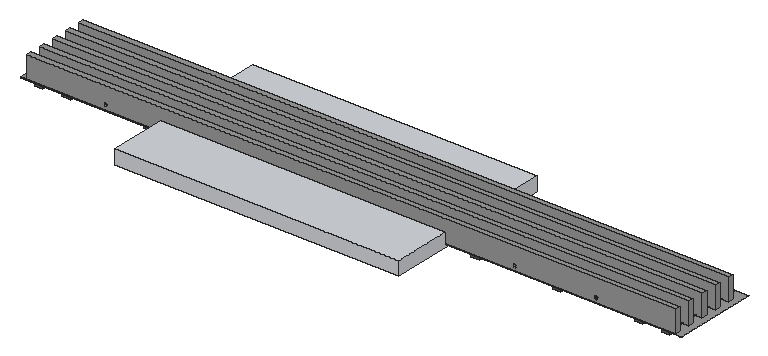
Revit family "1414-5, Solid", category Generic Models, host Face, Revit 2020
Family settings
  Host = Face
  Can host rebar = No
  Round Connector Dimension = Use Diameter
  Part Type = Normal
  Cut with Voids When Loaded = No
  Shared = No
  Room Calculation Point = No
Parameters
  min_value [instance] = 2' - 4"  # constant formula
  max_value [instance] = 11' - 11 1/4"  # constant formula
  actual_value [instance] = if(NET LENGTH < min_value, min_value, if(NET LENGTH > max_value, max_value, NET LENGTH))  # 7' - 11 1/4"
  SCRIM MATERIAL [instance] = SCRIM
  SCRIM APPEARANCE [instance] = yes
  NET LENGTH [instance] = 7' - 11 1/4"
  IMPORTANT NOTE!!!                                                                             *Backer & dowel layout is for visualization purposes only, final layout to be determined by 9Wood. [instance] = ""
  Default Elevation = 4' - 0"
  DOWEL RADIUS [instance] = 0' - 0 1/4"  # constant formula
  BACKER & DOWEL MATERIAL [instance] = BLACK-BACKERS
  .. MEMBER WIDTH [instance] = 0' - 0 3/4"  # constant formula
  .. MEMBER MATERIAL [instance] = Solid Western Hemlock
  .. MEMBER DEPTH [instance] = 0' - 3 1/4"  # constant formula
  .. MEMBER COUNT [instance] = 5  # constant formula
Reference planes (in)
  plane 1 "Center (Front/Back)": y = 0
  plane 2: z = 0
  plane 3 "Center (Left/Right)": x = 0
Forms (in)
  Extrusion 1, solid
    sketch origin (0, 0, 0) x (1, 0, 0) y (0, 1, 0)
      loop
        line (-24.24823, 14.63962) -> (-24.24823, -10.69266) -> (17.36192, -10.69266) -> (17.36192, 14.63962) -> (-24.24823, 14.63962)
    from 0 to 2.0625
Dimensions and locks (in)
  aligned and locked: plane 2 to Extrusion 1
Nested families (in)
  nested 1: "1400 series" at (-44.01308, -2.1224, 0.00189), NET LENGTH <- "actual_value", .. MEMBER DEPTH <- ".. MEMBER DEPTH", .. MEMBER WIDTH <- ".. MEMBER WIDTH", DOWEL RADIUS <- "DOWEL RADIUS", BACKER & DOWEL MATERIAL <- "BACKER & DOWEL MATERIAL", .. MEMBER MATERIAL <- ".. MEMBER MATERIAL", SCRIM MATERIAL <- "SCRIM MATERIAL", MEMBER COUNT <- ".. MEMBER COUNT", SCRIM APPEARANCE <- "SCRIM APPEARANCE", type "1400 series"
    with X 7' - 8", SCRIM MATERIAL SCRIM, SCRIM LENGTH 8' - 1", SCRIM APPEARANCE yes, SCRIM 2 0' - 0 7/8", SCRIM 1 0' - 0 3/32", OC TYP 1' - 0", NET LENGTH 7' - 11 1/4", N 8, MEMBER COUNT 5, INSET 2 0' - 0 3/16", INSET 0' - 1", HALF MEMBER WIDTH 0' - 0 3/8", END BACKER yes, DOWEL RADIUS 0' - 0 1/4", DOWEL INDEX 0' - 11 5/8", DOWEL COUNT 7, BACKING M COUNT 8, BACKER WIDTH 0' - 1 1/4", BACKER INDEX 0' - 5 5/8", BACKER DEPTH 0' - 0 1/2", BACKER & DOWEL MATERIAL BLACK-BACKERS, BACKER &  DOWEL LENGTH 0' - 11 7/8", .. MEMBER WIDTH 0' - 0 3/4", .. MEMBER OC TYP 0' - 2.4", .. MEMBER MATERIAL Solid Western Hemlock, .. MEMBER DEPTH 0' - 3 1/4"
Definition of nested family "1400 series"
  Parameters (values of type "1400 series")
    X [instance] = NET LENGTH - 0' 3 1/4"  # 7' - 2"
    SCRIM MATERIAL [instance] = none
    SCRIM APPEARANCE [instance] = yes
    SCRIM 2 [instance] = 0' - 0 7/8"  # constant formula
    SCRIM 1 [instance] = 0' - 0 3/32"  # constant formula
    OC TYP [instance] = 1' - 0"  # constant formula
    N [instance] = if((X - (rounddown(X / 1' 0") * 1' 0")) > 1' 0", rounddown(X / 1' 0") + 2, rounddown(X / 1' 0") + 1)  # 8
    MEMBER COUNT [instance] = 2
    INSET 5 = 0' - 0 11/16"  # constant formula
    INSET 2 [instance] = 0' - 0 3/16"  # constant formula
    INSET [instance] = 0' - 1"  # constant formula
    END BACKER [instance] = BACKER INDEX > 0' 3 5/8"  # no
    HALF MEMBER WIDTH [instance] = .. MEMBER WIDTH / 2  # 0' - 1 1/8"
    Default Elevation = 0' - 0"
    DOWEL RADIUS [instance] = 0' - 0 1/4"
    DOWEL INDEX [instance] = BACKER INDEX + 0' 6"  # 0' - 8 5/8"
    DOWEL COUNT [instance] = N - 1  # 7
    BACKER WIDTH [instance] = 0' - 1 1/4"  # constant formula
    BACKER INDEX [instance] = (NET LENGTH - ((N - 1) * 1' 0")) / 2  # 0' - 2 5/8"
    BACKER DEPTH [instance] = 0' - 0 1/2"  # constant formula
    BACKING M COUNT [instance] = N  # 8
    BACKER & DOWEL MATERIAL [instance] = none
    BACKER &  DOWEL LENGTH [instance] = 0' - 11 7/8"  # constant formula
    SCRIM LENGTH [instance] = NET LENGTH + (SCRIM 2 * 2)  # 7' - 7"
    .. MEMBER WIDTH [instance] = 0' - 2 1/4"
    .. MEMBER OC TYP [instance] = 1' 0" / MEMBER COUNT  # 0' - 6"
    .. MEMBER MATERIAL [instance] = none
    NET LENGTH [instance] = 7' - 5 1/4"
    .. MEMBER DEPTH [instance] = 0' - 4"
  Reference planes (in)
    plane 1 "Center (Front/Back)": y = 0
    plane 2: z = 0
    plane 3 "Center (Left/Right)": x = 0
    plane 4: x = 89.25
    plane 5: x = 1
    plane 6: x = 88.25
    plane 7: x = 2.625
    plane 8: x = 8.625
    plane 9: x = 14.625
    plane 10: x = 20.625
    plane 11: y = 0.1875
    plane 12: y = 1.125
    plane 13: y = 7.125
    plane 14: y = 12.0625
    plane 15: x = 90.125
    plane 16: x = -0.875
    plane 17: y = 12.15625
    plane 18: y = -0.09375
    plane 19: z = 2.7097
    plane 20: z = 0.49811
    plane 21: z = 0.56061
    plane 22: z = 1.24811
  Lines and regions (in)
    model lines, not visible
      curve 1: line (8.625, 0, 0.99811) -> (8.625, 0, 1.49811)
      curve 2: line (8.625, 0, 1.49811) -> (8.375, 0, 1.24811)
      curve 3: line (8.375, 0, 1.24811) -> (8.875, 0, 1.24811)
      curve 4: line (20.625, 0, 0.99811) -> (20.625, 0, 1.49811)
      curve 5: line (20.625, 0, 1.49811) -> (20.375, 0, 1.24811)
      curve 6: line (20.375, 0, 1.24811) -> (20.875, 0, 1.24811)
      curve 7: line (32.625, 0, 0.99811) -> (32.625, 0, 1.49811)
      curve 8: line (32.625, 0, 1.49811) -> (32.375, 0, 1.24811)
      curve 9: line (32.375, 0, 1.24811) -> (32.875, 0, 1.24811)
      curve 10: line (44.625, 0, 0.99811) -> (44.625, 0, 1.49811)
      curve 11: line (44.625, 0, 1.49811) -> (44.375, 0, 1.24811)
      curve 12: line (44.375, 0, 1.24811) -> (44.875, 0, 1.24811)
      curve 13: line (56.625, 0, 0.99811) -> (56.625, 0, 1.49811)
      curve 14: line (56.625, 0, 1.49811) -> (56.375, 0, 1.24811)
      curve 15: line (56.375, 0, 1.24811) -> (56.875, 0, 1.24811)
      curve 16: line (68.625, 0, 0.99811) -> (68.625, 0, 1.49811)
      curve 17: line (68.625, 0, 1.49811) -> (68.375, 0, 1.24811)
      curve 18: line (68.375, 0, 1.24811) -> (68.875, 0, 1.24811)
      curve 19: line (80.625, 0, 0.99811) -> (80.625, 0, 1.49811)
      curve 20: line (80.625, 0, 1.49811) -> (80.375, 0, 1.24811)
      curve 21: line (80.375, 0, 1.24811) -> (80.875, 0, 1.24811)
  Dimensions and locks (in)
    "INSET": plane 3 "Center (Left/Right)" to plane 5
    "NET LENGTH": plane 3 "Center (Left/Right)" to plane 4
    "INSET": plane 6 to plane 4
    "BACKER INDEX": plane 3 "Center (Left/Right)" to plane 7
    "DOWEL INDEX": plane 3 "Center (Left/Right)" to plane 8
    "OC TYP": plane 7 to plane 9
    "OC TYP": plane 8 to plane 10
    "INSET 2": plane 1 "Center (Front/Back)" to plane 11
    equal spacing: group 1, group 2, group 5, group 6, group 7, group 13, group 14, group 16  (x3)
    equal spacing: group 3, group 4, group 8, group 9, group 10, group 15, group 17  (x3)
    group 11 to group 12 = 0' - 0"  (x2)
    group 11 to group 12 = 0' - 6"
    ".. MEMBER OC TYP": plane 13 to plane 12
    "HALF MEMBER WIDTH": plane 1 "Center (Front/Back)" to plane 12
    "SCRIM 2": plane 16 to plane 3 "Center (Left/Right)"
    "SCRIM 2": plane 4 to plane 15
    "SCRIM 1": plane 18 to plane 1 "Center (Front/Back)"
    "SCRIM 1": plane 17 to plane 14
    "INSET 5": plane 22 to plane 21
    aligned and locked: level to plane 2
    aligned and locked: plane 7 to nested 2
    aligned and locked: plane 5 to nested 1
    aligned and locked: plane 9 to nested 3
    aligned and locked: nested 1 to plane 5
    aligned and locked: nested 2 to plane 11
    aligned and locked: nested 1 to plane 11
    aligned and locked: nested 3 to plane 11
    aligned and locked: nested 4 to plane 11  (x2)
    aligned and locked: plane 10 to nested 5
    aligned and locked: plane 6 to nested 12
    aligned and locked: nested 5 to plane 11
    aligned and locked: plane 11 to nested 12
    aligned and locked: plane 12 to nested 13
    aligned and locked: nested 14 to plane 13
    aligned and locked: plane 14 to nested 8
    aligned and locked: plane 16 to nested 15
    aligned and locked: nested 15 to plane 18
    aligned and locked: nested 15 to plane 17
    aligned and locked: nested 15 to plane 16  (x2)
    aligned and locked: nested 1 to level
    aligned and locked: level to nested 3
    aligned and locked: plane 20 to nested 2
    aligned and locked: plane 20 to nested 1
    aligned and locked: plane 20 to nested 3
    aligned and locked: nested 12 to plane 20
    aligned and locked: nested 15 to plane 20
    aligned and locked: plane 21 to nested 15
    aligned and locked: nested 13 to plane 21
    aligned and locked: plane 22 to nested 4
    aligned and locked: plane 22 to nested 5
    aligned and locked: nested 13 to plane 8
    aligned and locked: plane 10 to nested 13
    aligned and locked: curve 1 to nested 13
    aligned and locked: nested 13 to curve 4
  Automatic sketch dimensions
    curve 3 to curve 1 = 0' - 0 1/4"  (x2)
    curve 1 to curve 3 = 0' - 0 1/4"
    curve 1 to curve 2 = 0' - 0 1/4"
    curve 6 to curve 4 = 0' - 0 1/4"  (x2)
    curve 4 to curve 6 = 0' - 0 1/4"
    curve 4 to curve 5 = 0' - 0 1/4"
    curve 9 to curve 7 = 0' - 0 1/4"  (x2)
    curve 7 to curve 9 = 0' - 0 1/4"
    curve 7 to curve 8 = 0' - 0 1/4"
    curve 12 to curve 10 = 0' - 0 1/4"  (x2)
    curve 10 to curve 12 = 0' - 0 1/4"
    curve 10 to curve 11 = 0' - 0 1/4"
    curve 15 to curve 13 = 0' - 0 1/4"  (x2)
    curve 13 to curve 15 = 0' - 0 1/4"
    curve 13 to curve 14 = 0' - 0 1/4"
    curve 18 to curve 16 = 0' - 0 1/4"  (x2)
    curve 16 to curve 18 = 0' - 0 1/4"
    curve 16 to curve 17 = 0' - 0 1/4"
    curve 21 to curve 19 = 0' - 0 1/4"  (x2)
    curve 19 to curve 21 = 0' - 0 1/4"
    curve 19 to curve 20 = 0' - 0 1/4"
  Nested families (in)
    nested 1: "INSTANCE - 3RD -  EXTEND BOTH SIDES - Parametric Cube.0001" at (1, 0.1875, 0.49811), Length <- "BACKER &  DOWEL LENGTH", Width <- "BACKER WIDTH", Height <- "BACKER DEPTH", Material <- "BACKER & DOWEL MATERIAL", visible <- "END BACKER", type "INSTANCE - 3RD -  EXTEND BOTH SIDES - Parametric Cube.0001"
      with Width 0' - 1 1/4", Material none, Length 0' - 11 7/8", Height 0' - 0 1/2"
    nested 2: "INSTANCE - 2ND -  EXTEND SIDE H CENTER W - Parametric Cube.0001" at (2.625, 0.1875, 0.49811), Width <- "BACKER WIDTH", Length <- "BACKER &  DOWEL LENGTH", Height <- "BACKER DEPTH", Material <- "BACKER & DOWEL MATERIAL", type "INSTANCE - 2ND -  EXTEND SIDE H CENTER W - Parametric Cube.0001"
      with Width 0' - 1 1/4", Material none, Length 0' - 11 7/8", Height 0' - 0 1/2"
    nested 3: "INSTANCE - 2ND -  EXTEND SIDE H CENTER W - Parametric Cube.0001" at (14.625, 0.1875, 0.49811), Width <- "BACKER WIDTH", Length <- "BACKER &  DOWEL LENGTH", Height <- "BACKER DEPTH", Material <- "BACKER & DOWEL MATERIAL", type "INSTANCE - 2ND -  EXTEND SIDE H CENTER W - Parametric Cube.0001"
      with Width 0' - 1 1/4", Material none, Length 0' - 11 7/8", Height 0' - 0 1/2"
    nested 4: "DOWEL" at (-1.375, 0.1875, 1.24811), DOWEL LENGTH <- "BACKER &  DOWEL LENGTH", DOWEL RADII <- "DOWEL RADIUS", BACKING MEM MATERIAL <- "BACKER & DOWEL MATERIAL", type "DOWEL"
      with DOWEL RADII 0' - 0 1/4", DOWEL LENGTH 0' - 11 7/8", BACKING MEM MATERIAL none
    nested 5: "DOWEL" at (10.625, 0.1875, 1.24811), DOWEL LENGTH <- "BACKER &  DOWEL LENGTH", DOWEL RADII <- "DOWEL RADIUS", BACKING MEM MATERIAL <- "BACKER & DOWEL MATERIAL", type "DOWEL"
      with DOWEL RADII 0' - 0 1/4", DOWEL LENGTH 0' - 11 7/8", BACKING MEM MATERIAL none
    nested 6: "INSTANCE - 2ND -  EXTEND SIDE H CENTER W - Parametric Cube.0001" at (26.625, 0.1875, 0.49811), Width <- "BACKER WIDTH", Length <- "BACKER &  DOWEL LENGTH", Height <- "BACKER DEPTH", Material <- "BACKER & DOWEL MATERIAL", type "INSTANCE - 2ND -  EXTEND SIDE H CENTER W - Parametric Cube.0001"
      with Width 0' - 1 1/4", Material none, Length 0' - 11 7/8", Height 0' - 0 1/2"
    nested 7: "INSTANCE - 2ND -  EXTEND SIDE H CENTER W - Parametric Cube.0001" at (38.625, 0.1875, 0.49811), Width <- "BACKER WIDTH", Length <- "BACKER &  DOWEL LENGTH", Height <- "BACKER DEPTH", Material <- "BACKER & DOWEL MATERIAL", type "INSTANCE - 2ND -  EXTEND SIDE H CENTER W - Parametric Cube.0001"
      with Width 0' - 1 1/4", Material none, Length 0' - 11 7/8", Height 0' - 0 1/2"
    nested 8: "INSTANCE - 2ND -  EXTEND SIDE H CENTER W - Parametric Cube.0001" at (50.625, 0.1875, 0.49811), Width <- "BACKER WIDTH", Length <- "BACKER &  DOWEL LENGTH", Height <- "BACKER DEPTH", Material <- "BACKER & DOWEL MATERIAL", type "INSTANCE - 2ND -  EXTEND SIDE H CENTER W - Parametric Cube.0001"
      with Width 0' - 1 1/4", Material none, Length 0' - 11 7/8", Height 0' - 0 1/2"
    nested 9: "DOWEL" at (22.625, 0.1875, 1.24811), DOWEL LENGTH <- "BACKER &  DOWEL LENGTH", DOWEL RADII <- "DOWEL RADIUS", BACKING MEM MATERIAL <- "BACKER & DOWEL MATERIAL", type "DOWEL"
      with DOWEL RADII 0' - 0 1/4", DOWEL LENGTH 0' - 11 7/8", BACKING MEM MATERIAL none
    nested 10: "DOWEL" at (34.625, 0.1875, 1.24811), DOWEL LENGTH <- "BACKER &  DOWEL LENGTH", DOWEL RADII <- "DOWEL RADIUS", BACKING MEM MATERIAL <- "BACKER & DOWEL MATERIAL", type "DOWEL"
      with DOWEL RADII 0' - 0 1/4", DOWEL LENGTH 0' - 11 7/8", BACKING MEM MATERIAL none
    nested 11: "DOWEL" at (46.625, 0.1875, 1.24811), DOWEL LENGTH <- "BACKER &  DOWEL LENGTH", DOWEL RADII <- "DOWEL RADIUS", BACKING MEM MATERIAL <- "BACKER & DOWEL MATERIAL", type "DOWEL"
      with DOWEL RADII 0' - 0 1/4", DOWEL LENGTH 0' - 11 7/8", BACKING MEM MATERIAL none
    nested 12: "INSTANCE - 3RD -  EXTEND BOTH SIDES - Parametric Cube.0001" at (88.25, 0.1875, 0.49811) x (-1, 0, 0) z (0, 0, 1), Width <- "BACKER WIDTH", Length <- "BACKER &  DOWEL LENGTH", Height <- "BACKER DEPTH", Material <- "BACKER & DOWEL MATERIAL", visible <- "END BACKER", type "INSTANCE - 3RD -  EXTEND BOTH SIDES - Parametric Cube.0001"
      with Width 0' - 1 1/4", Material none, Length 0' - 11 7/8", Height 0' - 0 1/2"
    nested 13: "HOLED MEMBER" at (0, -9.75, 8.12965), DOWEL INDEX <- "DOWEL INDEX", .. MEMBER LENGTH <- "NET LENGTH", .. MEMBER WIDTH <- ".. MEMBER WIDTH", DOWEL OC DIST <- "OC TYP", DOWEL RADII <- "DOWEL RADIUS", Material <- ".. MEMBER MATERIAL", DEPTH <- ".. MEMBER DEPTH", DOWEL COUNT <- "DOWEL COUNT", Space <- "INSET 5", type "HOLED MEMBER"
      with Space 0' - 0 11/16", Material none, Height 0' - 10.43096", HALF MEMBER WIDTH 0' - 1 1/8", DOWEL RADII 0' - 0 1/4", DOWEL OC DIST 1' - 0", DOWEL INDEX 0' - 8 5/8", DOWEL COUNT 7, DEPTH 0' - 4", .. MEMBER WIDTH 0' - 2 1/4", .. MEMBER LENGTH 7' - 5 1/4"
    nested 14: "HOLED MEMBER" at (0, -3.75, 8.12965), DOWEL INDEX <- "DOWEL INDEX", .. MEMBER LENGTH <- "NET LENGTH", .. MEMBER WIDTH <- ".. MEMBER WIDTH", DOWEL OC DIST <- "OC TYP", DOWEL RADII <- "DOWEL RADIUS", Material <- ".. MEMBER MATERIAL", DEPTH <- ".. MEMBER DEPTH", DOWEL COUNT <- "DOWEL COUNT", Space <- "INSET 5", type "HOLED MEMBER"
      with Space 0' - 0 11/16", Material none, Height 0' - 10.43096", HALF MEMBER WIDTH 0' - 1 1/8", DOWEL RADII 0' - 0 1/4", DOWEL OC DIST 1' - 0", DOWEL INDEX 0' - 8 5/8", DOWEL COUNT 7, DEPTH 0' - 4", .. MEMBER WIDTH 0' - 2 1/4", .. MEMBER LENGTH 7' - 5 1/4"
    nested 15: "INSTANCE - 3RD -  EXTEND BOTH SIDES - Parametric Cube.0001" at (-0.875, -0.09375, 0.56061), Width <- "SCRIM LENGTH", Material <- "SCRIM MATERIAL", visible <- "SCRIM APPEARANCE", type "INSTANCE - 3RD -  EXTEND BOTH SIDES - Parametric Cube.0001"
      with Width 7' - 7", Material none, Length 1' - 0 1/4", Height 0' - 0 1/16"
    nested 16: "INSTANCE - 2ND -  EXTEND SIDE H CENTER W - Parametric Cube.0001" at (62.625, 0.1875, 0.49811), Width <- "BACKER WIDTH", Length <- "BACKER &  DOWEL LENGTH", Height <- "BACKER DEPTH", Material <- "BACKER & DOWEL MATERIAL", type "INSTANCE - 2ND -  EXTEND SIDE H CENTER W - Parametric Cube.0001"
      with Width 0' - 1 1/4", Material none, Length 0' - 11 7/8", Height 0' - 0 1/2"
    nested 17: "INSTANCE - 2ND -  EXTEND SIDE H CENTER W - Parametric Cube.0001" at (74.625, 0.1875, 0.49811), Width <- "BACKER WIDTH", Length <- "BACKER &  DOWEL LENGTH", Height <- "BACKER DEPTH", Material <- "BACKER & DOWEL MATERIAL", type "INSTANCE - 2ND -  EXTEND SIDE H CENTER W - Parametric Cube.0001"
      with Width 0' - 1 1/4", Material none, Length 0' - 11 7/8", Height 0' - 0 1/2"
    nested 18: "DOWEL" at (58.625, 0.1875, 1.24811), DOWEL LENGTH <- "BACKER &  DOWEL LENGTH", DOWEL RADII <- "DOWEL RADIUS", BACKING MEM MATERIAL <- "BACKER & DOWEL MATERIAL", type "DOWEL"
      with DOWEL RADII 0' - 0 1/4", DOWEL LENGTH 0' - 11 7/8", BACKING MEM MATERIAL none
    nested 19: "INSTANCE - 2ND -  EXTEND SIDE H CENTER W - Parametric Cube.0001" at (86.625, 0.1875, 0.49811), Width <- "BACKER WIDTH", Length <- "BACKER &  DOWEL LENGTH", Height <- "BACKER DEPTH", Material <- "BACKER & DOWEL MATERIAL", type "INSTANCE - 2ND -  EXTEND SIDE H CENTER W - Parametric Cube.0001"
      with Width 0' - 1 1/4", Material none, Length 0' - 11 7/8", Height 0' - 0 1/2"
    nested 20: "DOWEL" at (70.625, 0.1875, 1.24811), DOWEL LENGTH <- "BACKER &  DOWEL LENGTH", DOWEL RADII <- "DOWEL RADIUS", BACKING MEM MATERIAL <- "BACKER & DOWEL MATERIAL", type "DOWEL"
      with DOWEL RADII 0' - 0 1/4", DOWEL LENGTH 0' - 11 7/8", BACKING MEM MATERIAL none
  Definition of nested family "INSTANCE - 3RD -  EXTEND BOTH SIDES - Parametric Cube.0001"
    Parameters (values of type "INSTANCE - 3RD -  EXTEND BOTH SIDES - Parametric Cube.0001")
      Width [instance] = 0' - 6"
      Material [instance] = none
      Length [instance] = 1' - 0"
      Height [instance] = 1' - 6"
      Default Elevation = 0' - 0"
    Reference planes (in)
      plane 1 "Center (Front/Back)": y = 0
      plane 2: z = 0
      plane 3 "Center (Left/Right)": x = 0
      plane 4: x = 6
      plane 5: y = 12
      plane 6: z = -18
    Forms (in)
      Extrusion 1, solid, material <- "Material"
        sketch origin (0, 6, 0) x (1, 0, 0) y (0, 1, 0)
          loop
            line (0, 6) -> (0, -6) -> (6, -6) -> (6, 6) -> (0, 6)
        from -18 to 0
    Dimensions and locks (in)
      "Height": plane 6 to level
      "Length": plane 1 "Center (Front/Back)" to plane 5
      "Width": plane 3 "Center (Left/Right)" to plane 4
      aligned and locked: plane 2 to level
      aligned and locked: Extrusion 1 sketch curve to plane 4
      aligned and locked: Extrusion 1 to plane 6
      aligned and locked: plane 5 to Extrusion 1
      aligned and locked: Extrusion 1 to plane 3 "Center (Left/Right)"
    Automatic sketch dimensions
      plane 1 "Center (Front/Back)" to Extrusion 1 sketch curve = 0' - 0"
      plane 5 to Extrusion 1 sketch curve = 0' - 0"
      Extrusion 1 sketch curve to plane 3 "Center (Left/Right)" = 0' - 0"
  Definition of nested family "INSTANCE - 2ND -  EXTEND SIDE H CENTER W - Parametric Cube.0001"
    Parameters (values of type "INSTANCE - 2ND -  EXTEND SIDE H CENTER W - Parametric Cube.0001")
      Width [instance] = 0' - 6"
      Material [instance] = none
      Length [instance] = 1' - 0"
      Height [instance] = 1' - 6"
      Default Elevation = 0' - 0"
    Reference planes (in)
      plane 1 "Center (Front/Back)": y = 0
      plane 2: z = 0
      plane 3 "Center (Left/Right)": x = 0
      plane 4: x = -3
      plane 5: x = 3
      plane 6: y = 12
      plane 7: z = -18
    Forms (in)
      Extrusion 1, solid, material <- "Material"
        sketch origin (0, 6, 0) x (1, 0, 0) y (0, 1, 0)
          loop
            line (-3, 6) -> (-3, -6) -> (3, -6) -> (3, 6) -> (-3, 6)
        from -18 to 0
    Dimensions and locks (in)
      equal spacing: plane 4, plane 3 "Center (Left/Right)", plane 5
      "Width": plane 4 to plane 5
      "Height": plane 7 to level
      "Length": plane 1 "Center (Front/Back)" to plane 6
      aligned and locked: plane 2 to level
      aligned and locked: plane 4 to Extrusion 1 sketch curve
      aligned and locked: Extrusion 1 sketch curve to plane 5
      aligned and locked: Extrusion 1 to plane 7
      aligned and locked: plane 6 to Extrusion 1
    Automatic sketch dimensions
      plane 1 "Center (Front/Back)" to Extrusion 1 sketch curve = 0' - 0"
      plane 6 to Extrusion 1 sketch curve = 0' - 0"
  Definition of nested family "DOWEL"
    Parameters (values of type "DOWEL")
      Default Elevation = 0' - 0"
      DOWEL RADII [instance] = 0' - 0 5/8"
      DOWEL LENGTH [instance] = 1' - 0"
      BACKING MEM MATERIAL [instance] = none
    Reference planes (in)
      plane 1 "Center (Front/Back)": y = 0
      plane 2: z = 0
      plane 3 "Center (Left/Right)": x = 0
      plane 4: y = 12
    Forms (in)
      Extrusion 1, solid, material <- "BACKING MEM MATERIAL"
        sketch origin (10, 0, 0) x (1, 0, 0) y (0, 0, 1)
          loop
            circle (0, 0) r 0.625
        from 0 to -12
      Extrusion 2, solid, not visible
        sketch origin (0, 0, 0) x (1, 0, 0) y (0, 0, 1)
          loop
            circle (0, 0) r 0.625
        from 0 to 12
      Extrusion 3, solid, not visible
        sketch origin (10, 0, 0) x (1, 0, 0) y (0, 0, 1)
          loop
            circle (0, 0) r 0.625
        from 0 to 2.5
      Extrusion 4, solid, not visible
        sketch origin (10, 0, 0) x (1, 0, 0) y (0, 0, 1)
          loop
            circle (0, 0) r 0.625
        from 0 to -12
    Lines and regions (in)
      model lines, not visible
        curve 1: line (-13, 0, 0) -> (-13, -12, 0)
        curve 2: line (13, 0, 0) -> (13, -12, 0)
        curve 3: line (9.89453, 0, 0) -> (10.08794, 0, 0)
        curve 4: line (9.89453, -2.5, 0) -> (10.08794, -2.5, 0)
        curve 6: line (10, 0, 0) -> (10, 2, 0)
      model lines
        curve 5: line (10, 0, 0) -> (10, 2, 0)
    Dimensions and locks (in)
      "DOWEL LENGTH": plane 1 "Center (Front/Back)" to plane 4
      "DOWEL RADII": radius of Extrusion 1 sketch curve
      "DOWEL RADII": radius of Extrusion 2 sketch curve
      "DOWEL RADII": radius of Extrusion 3 sketch curve
      "DOWEL RADII": radius of Extrusion 4 sketch curve
      "DOWEL RADII": radius of Extrusion 1
      aligned and locked: plane 2 to level
      aligned and locked: Extrusion 1 to plane 1 "Center (Front/Back)"  (x3)
      aligned and locked: plane 1 "Center (Front/Back)" to Extrusion 1
      aligned and locked: plane 4 to Extrusion 1
    Automatic sketch dimensions
      plane 1 "Center (Front/Back)" to curve 5 = 0' - 0"
      curve 5 to plane 1 "Center (Front/Back)" = 0' - 2"
      plane 3 "Center (Left/Right)" to curve 5 = 0' - 10"
      Extrusion 1 sketch curve to level = 0' - 0"
      plane 3 "Center (Left/Right)" to Extrusion 1 sketch curve = 0' - 10"
  Definition of nested family "HOLED MEMBER"
    Parameters (values of type "HOLED MEMBER")
      Space [instance] = 0' - 0 5/8"
      Material [instance] = none
      Height [instance] = 0' - 10.43096"
      HALF MEMBER WIDTH [instance] = .. MEMBER WIDTH / 2  # 0' - 0 5/16"
      Default Elevation = 0' - 0"
      DOWEL RADII [instance] = 0' - 0.34537"
      DOWEL OC DIST [instance] = 1' - 0"
      DOWEL INSET = 0' - 0 5/8"
      DOWEL INDEX [instance] = 0' - 5 5/8"
      DOWEL COUNT [instance] = 6
      DEPTH [instance] = 0' - 2"
      .. MEMBER WIDTH [instance] = 0' - 0 5/8"
      .. MEMBER LENGTH [instance] = 5' - 11 3/4"
    Reference planes (in)
      plane 1 "Center (Front/Back)": y = 12
      plane 2: z = -7.56904
      plane 3 "Center (Left/Right)": x = 0
      plane 4: x = 5.625
      plane 5: x = 17.625
      plane 6: y = 11.375
      plane 7: x = 71.75
      plane 8: y = 11.6875
      plane 9: z = -6.94404
      plane 10: z = -5.56904
    Forms (in)
      Extrusion 1, solid, material <- "Material"
        sketch origin (0, 12, -13.56904) x (1, 0, 0) y (0, 0, 1)
          loop
            line (0, 6) -> (71.75, 6) -> (71.75, 8) -> (0, 8) -> (0, 6)
        from 0.625 to 0
      Extrusion 2, void
        sketch origin (0, 12, -18.31904) x (1, 0, 0) y (0, 0, 1)
          loop
            circle (5.625, 11.375) r 0.34537
        from 0 to 12
      Extrusion 3, void, not visible
        sketch origin (0, 0, 0) x (1, 0, 0) y (0, 1, 0)
          loop
            circle (5.625, 11.375) r 0.34537
        from 0 to 12
      Extrusion 4, void, not visible
        sketch origin (0, 0, 0) x (1, 0, 0) y (0, 1, 0)
          loop
            circle (5.625, 11.375) r 0.34537
        from 0 to 12
      Extrusion 5, void, not visible
        sketch origin (12, 0, 0) x (1, 0, 0) y (0, 1, 0)
          loop
            circle (5.625, 11.375) r 0.34537
        from 0 to 12
      Extrusion 6, void, not visible
        sketch origin (0, 12, -17.56904) x (1, 0, 0) y (0, 0, 1)
          loop
            circle (5.625, 11.375) r 0.34537
        from 0 to 12
      Extrusion 7, void, not visible
        sketch origin (12, 12, -17.56904) x (1, 0, 0) y (0, 0, 1)
          loop
            circle (5.625, 11.375) r 0.34537
        from 0 to 12
      Extrusion 8, void, not visible
        sketch origin (0, 12, -19.56904) x (1, 0, 0) y (0, 0, 1)
          loop
            circle (5.625, 11.375) r 0.34537
        from 0 to 12
      Extrusion 9, void
        sketch origin (12, 12, -18.31904) x (1, 0, 0) y (0, 0, 1)
          loop
            circle (5.625, 11.375) r 0.34537
        from 0 to 12
      Extrusion 10, void
        sketch origin (24, 12, -18.31904) x (1, 0, 0) y (0, 0, 1)
          loop
            circle (5.625, 11.375) r 0.34537
        from 0 to 12
      Extrusion 11, void
        sketch origin (36, 12, -18.31904) x (1, 0, 0) y (0, 0, 1)
          loop
            circle (5.625, 11.375) r 0.34537
        from 0 to 12
      Extrusion 12, void
        sketch origin (48, 12, -18.31904) x (1, 0, 0) y (0, 0, 1)
          loop
            circle (5.625, 11.375) r 0.34537
        from 0 to 12
      Extrusion 13, void
        sketch origin (60, 12, -18.31904) x (1, 0, 0) y (0, 0, 1)
          loop
            circle (5.625, 11.375) r 0.34537
        from 0 to 12
      Extrusion 14, void, not visible
        sketch origin (24, 12, -17.56904) x (1, 0, 0) y (0, 0, 1)
          loop
            circle (5.625, 11.375) r 0.34537
        from 0 to 12
      Extrusion 15, void, not visible
        sketch origin (36, 12, -17.56904) x (1, 0, 0) y (0, 0, 1)
          loop
            circle (5.625, 11.375) r 0.34537
        from 0 to 12
      Extrusion 16, void, not visible
        sketch origin (48, 12, -17.56904) x (1, 0, 0) y (0, 0, 1)
          loop
            circle (5.625, 11.375) r 0.34537
        from 0 to 12
      Extrusion 17, void, not visible
        sketch origin (60, 12, -17.56904) x (1, 0, 0) y (0, 0, 1)
          loop
            circle (5.625, 11.375) r 0.34537
        from 0 to 12
      Extrusion 18, void, not visible
        sketch origin (24, 0, 0) x (1, 0, 0) y (0, 1, 0)
          loop
            circle (5.625, 11.375) r 0.34537
        from 0 to 12
      Extrusion 19, void, not visible
        sketch origin (36, 0, 0) x (1, 0, 0) y (0, 1, 0)
          loop
            circle (5.625, 11.375) r 0.34537
        from 0 to 12
      Extrusion 20, void, not visible
        sketch origin (48, 0, 0) x (1, 0, 0) y (0, 1, 0)
          loop
            circle (5.625, 11.375) r 0.34537
        from 0 to 12
      Extrusion 21, void, not visible
        sketch origin (60, 0, 0) x (1, 0, 0) y (0, 1, 0)
          loop
            circle (5.625, 11.375) r 0.34537
        from 0 to 12
    Cuts and joins
      Extrusion 2, Extrusion 9, Extrusion 10, Extrusion 11, Extrusion 12, Extrusion 13 cuts Extrusion 1
    Lines and regions (in)
      model lines, not visible
        curve 1: line (5.625, 11.72037, 0) -> (5.625, 11.02963, 0)
        curve 2: line (5.625, 11.72037, 0) -> (5.625, 11.02963, 0)
        curve 3: line (17.625, 11.72037, 0) -> (17.625, 11.02963, 0)
        curve 4: line (5.625, 12, -7.56904) -> (5.625, 11.87317, -7.56904)
        curve 5: line (5.625, 11.87317, -7.56904) -> (5.06195, 11.87317, -7.56904)
        curve 6: line (5.06195, 11.87317, -7.56904) -> (5.27963, 11.375, -7.56904)
        curve 7: line (0, 12, -6.19404) -> (0, 11.61951, -6.19404)
        curve 9: line (0, 11.375, -8.19404) -> (0, 11.6747, -8.19404)
        curve 10: line (5.625, 12, -7.56904) -> (5.625, 11.69863, -7.56904)
        curve 11: line (5.625, 12, -7.56904) -> (5.625, 11.69863, -7.56904)
        curve 12: line (5.625, 10.75, 0) -> (5.625, 10.75, 0.30137)
        curve 13: line (5.625, 10.75, 0) -> (5.625, 10.75, 0.30137)
        curve 14: line (17.625, 10.75, 0) -> (17.625, 10.75, 0.30137)
        curve 15: line (5.625, 12, -6.81904) -> (5.625, 11.69863, -6.81904)
        curve 16: line (17.625, 12, -6.81904) -> (17.625, 11.69863, -6.81904)
        curve 17: line (5.625, 12, -8.81904) -> (5.625, 11.69863, -8.81904)
        curve 18: line (17.625, 12, -7.56904) -> (17.625, 11.69863, -7.56904)
        curve 19: line (29.625, 12, -7.56904) -> (29.625, 11.69863, -7.56904)
        curve 20: line (41.625, 12, -7.56904) -> (41.625, 11.69863, -7.56904)
        curve 21: line (53.625, 12, -7.56904) -> (53.625, 11.69863, -7.56904)
        curve 22: line (65.625, 12, -7.56904) -> (65.625, 11.69863, -7.56904)
        curve 23: line (29.625, 12, -6.81904) -> (29.625, 11.69863, -6.81904)
        curve 24: line (41.625, 12, -6.81904) -> (41.625, 11.69863, -6.81904)
        curve 25: line (53.625, 12, -6.81904) -> (53.625, 11.69863, -6.81904)
        curve 26: line (65.625, 12, -6.81904) -> (65.625, 11.69863, -6.81904)
        curve 27: line (29.625, 11.72037, 0) -> (29.625, 11.02963, 0)
        curve 28: line (29.625, 10.75, 0) -> (29.625, 10.75, 0.30137)
        curve 29: line (41.625, 11.72037, 0) -> (41.625, 11.02963, 0)
        curve 30: line (41.625, 10.75, 0) -> (41.625, 10.75, 0.30137)
        curve 31: line (53.625, 11.72037, 0) -> (53.625, 11.02963, 0)
        curve 32: line (53.625, 10.75, 0) -> (53.625, 10.75, 0.30137)
        curve 33: line (65.625, 11.72037, 0) -> (65.625, 11.02963, 0)
        curve 34: line (65.625, 10.75, 0) -> (65.625, 10.75, 0.30137)
        curve 35: line (5.27963, 12, -6.94404) -> (5.97037, 12, -6.94404)
        curve 36: line (5.97037, 12, -6.94404) -> (5.625, 12, -6.59867)
        curve 37: line (5.625, 12, -6.59867) -> (5.625, 12, -7.28941)
        curve 38: line (5.27963, 11.375, 0) -> (5.97037, 11.375, 0)
        curve 39: line (5.97037, 11.375, 0) -> (5.625, 11.72037, 0)
        curve 40: line (5.625, 11.72037, 0) -> (5.625, 11.02963, 0)
        curve 41: line (5.27963, 11.375, 0) -> (5.97037, 11.375, 0)
        curve 42: line (5.97037, 11.375, 0) -> (5.625, 11.72037, 0)
        curve 43: line (5.625, 11.72037, 0) -> (5.625, 11.02963, 0)
        curve 44: line (17.27963, 11.375, 0) -> (17.97037, 11.375, 0)
        curve 45: line (17.97037, 11.375, 0) -> (17.625, 11.72037, 0)
        curve 46: line (17.625, 11.72037, 0) -> (17.625, 11.02963, 0)
        curve 47: line (5.27963, 12, -6.19404) -> (5.97037, 12, -6.19404)
        curve 48: line (5.97037, 12, -6.19404) -> (5.625, 12, -5.84867)
        curve 49: line (5.625, 12, -5.84867) -> (5.625, 12, -6.53941)
        curve 50: line (17.27963, 12, -6.19404) -> (17.97037, 12, -6.19404)
        curve 51: line (17.97037, 12, -6.19404) -> (17.625, 12, -5.84867)
        curve 52: line (17.625, 12, -5.84867) -> (17.625, 12, -6.53941)
        curve 53: line (5.27963, 12, -8.19404) -> (5.97037, 12, -8.19404)
        curve 54: line (5.97037, 12, -8.19404) -> (5.625, 12, -7.84867)
        curve 55: line (5.625, 12, -7.84867) -> (5.625, 12, -8.53941)
        curve 56: line (17.27963, 12, -6.94404) -> (17.97037, 12, -6.94404)
        curve 57: line (17.97037, 12, -6.94404) -> (17.625, 12, -6.59867)
        curve 58: line (17.625, 12, -6.59867) -> (17.625, 12, -7.28941)
        curve 59: line (29.27963, 12, -6.94404) -> (29.97037, 12, -6.94404)
        curve 60: line (29.97037, 12, -6.94404) -> (29.625, 12, -6.59867)
        curve 61: line (29.625, 12, -6.59867) -> (29.625, 12, -7.28941)
        curve 62: line (41.27963, 12, -6.94404) -> (41.97037, 12, -6.94404)
        curve 63: line (41.97037, 12, -6.94404) -> (41.625, 12, -6.59867)
        curve 64: line (41.625, 12, -6.59867) -> (41.625, 12, -7.28941)
        curve 65: line (53.27963, 12, -6.94404) -> (53.97037, 12, -6.94404)
        curve 66: line (53.97037, 12, -6.94404) -> (53.625, 12, -6.59867)
        curve 67: line (53.625, 12, -6.59867) -> (53.625, 12, -7.28941)
        curve 68: line (65.27963, 12, -6.94404) -> (65.97037, 12, -6.94404)
        curve 69: line (65.97037, 12, -6.94404) -> (65.625, 12, -6.59867)
        curve 70: line (65.625, 12, -6.59867) -> (65.625, 12, -7.28941)
        curve 71: line (29.27963, 12, -6.19404) -> (29.97037, 12, -6.19404)
        curve 72: line (29.97037, 12, -6.19404) -> (29.625, 12, -5.84867)
        curve 73: line (29.625, 12, -5.84867) -> (29.625, 12, -6.53941)
        curve 74: line (41.27963, 12, -6.19404) -> (41.97037, 12, -6.19404)
        curve 75: line (41.97037, 12, -6.19404) -> (41.625, 12, -5.84867)
        curve 76: line (41.625, 12, -5.84867) -> (41.625, 12, -6.53941)
        curve 77: line (53.27963, 12, -6.19404) -> (53.97037, 12, -6.19404)
        curve 78: line (53.97037, 12, -6.19404) -> (53.625, 12, -5.84867)
        curve 79: line (53.625, 12, -5.84867) -> (53.625, 12, -6.53941)
        curve 80: line (65.27963, 12, -6.19404) -> (65.97037, 12, -6.19404)
        curve 81: line (65.97037, 12, -6.19404) -> (65.625, 12, -5.84867)
        curve 82: line (65.625, 12, -5.84867) -> (65.625, 12, -6.53941)
        curve 83: line (29.27963, 11.375, 0) -> (29.97037, 11.375, 0)
        curve 84: line (29.97037, 11.375, 0) -> (29.625, 11.72037, 0)
        curve 85: line (29.625, 11.72037, 0) -> (29.625, 11.02963, 0)
        curve 86: line (41.27963, 11.375, 0) -> (41.97037, 11.375, 0)
        curve 87: line (41.97037, 11.375, 0) -> (41.625, 11.72037, 0)
        curve 88: line (41.625, 11.72037, 0) -> (41.625, 11.02963, 0)
        curve 89: line (53.27963, 11.375, 0) -> (53.97037, 11.375, 0)
        curve 90: line (53.97037, 11.375, 0) -> (53.625, 11.72037, 0)
        curve 91: line (53.625, 11.72037, 0) -> (53.625, 11.02963, 0)
        curve 92: line (65.27963, 11.375, 0) -> (65.97037, 11.375, 0)
        curve 93: line (65.97037, 11.375, 0) -> (65.625, 11.72037, 0)
        curve 94: line (65.625, 11.72037, 0) -> (65.625, 11.02963, 0)
      model lines
        curve 8: line (5.625, 12, -7.56904) -> (5.625, 11.69863, -7.56904)
    Dimensions and locks (in)
      "DOWEL INDEX": plane 3 "Center (Left/Right)" to plane 4
      "DOWEL OC DIST": plane 4 to plane 5
      ".. MEMBER LENGTH": plane 3 "Center (Left/Right)" to plane 7
      equal spacing: group 3, group 4, group 21, group 22, group 23, group 24  (x3)
      equal spacing: group 7, group 8, group 17, group 18, group 19, group 20  (x3)
      ".. MEMBER WIDTH": plane 6 to plane 1 "Center (Front/Back)"
      "HALF MEMBER WIDTH": plane 8 to plane 1 "Center (Front/Back)"
      equal spacing: group 1, group 12, group 13, group 14, group 15, group 16  (x2)
      equal spacing: group 16, group 15, group 14, group 13, group 12, group 1
      "DEPTH": plane 10 to level
      "Space": plane 9 to level
      "DOWEL RADII": radius of Extrusion 2 sketch curve
      "DOWEL RADII": radius of Extrusion 3 sketch curve
      "DOWEL RADII": radius of Extrusion 4 sketch curve
      "DOWEL RADII": radius of Extrusion 5 sketch curve
      "DOWEL RADII": radius of Extrusion 6 sketch curve
      "DOWEL RADII": radius of Extrusion 7 sketch curve
      "DOWEL RADII": radius of Extrusion 8 sketch curve
      "DOWEL RADII": radius of Extrusion 9 sketch curve
      "DOWEL RADII": radius of Extrusion 10 sketch curve
      "DOWEL RADII": radius of Extrusion 11 sketch curve
      "DOWEL RADII": radius of Extrusion 12 sketch curve
      "DOWEL RADII": radius of Extrusion 13 sketch curve
      "DOWEL RADII": radius of Extrusion 14 sketch curve
      "DOWEL RADII": radius of Extrusion 15 sketch curve
      "DOWEL RADII": radius of Extrusion 16 sketch curve
      "DOWEL RADII": radius of Extrusion 17 sketch curve
      "DOWEL RADII": radius of Extrusion 18 sketch curve
      "DOWEL RADII": radius of Extrusion 19 sketch curve
      "DOWEL RADII": radius of Extrusion 20 sketch curve
      "DOWEL RADII": radius of Extrusion 21 sketch curve
      aligned and locked: level to plane 2
      aligned and locked: Extrusion 1 to plane 3 "Center (Left/Right)"  (x2)
      aligned and locked: plane 7 to cut or joined group of Extrusion 1, Extrusion 2, Extrusion 9, Extrusion 10, Extrusion 11, Extrusion 12, Extrusion 13  (x2)
      aligned and locked: cut or joined group of Extrusion 1, Extrusion 2, Extrusion 9, Extrusion 10, Extrusion 11, Extrusion 12, Extrusion 13 to plane 1 "Center (Front/Back)"  (x2)
      aligned and locked: cut or joined group of Extrusion 1, Extrusion 2, Extrusion 9, Extrusion 10, Extrusion 11, Extrusion 12, Extrusion 13 to plane 6  (x2)
      aligned and locked: plane 4 to curve 11
      aligned and locked: curve 18 to plane 5
      aligned and locked: plane 4 to group 1
      aligned and locked: group 12 to plane 5
      aligned and locked: curve 35 to plane 9
      aligned and locked: plane 4 to curve 37
      aligned and locked: curve 56 to plane 9
      aligned and locked: curve 58 to plane 5
      aligned and locked: plane 10 to cut or joined group of Extrusion 1, Extrusion 2, Extrusion 9, Extrusion 10, Extrusion 11, Extrusion 12, Extrusion 13  (x2)
      aligned and locked: cut or joined group of Extrusion 1, Extrusion 2, Extrusion 9, Extrusion 10, Extrusion 11, Extrusion 12, Extrusion 13 to level
      aligned and locked: level to cut or joined group of Extrusion 1, Extrusion 2, Extrusion 9, Extrusion 10, Extrusion 11, Extrusion 12, Extrusion 13
    Automatic sketch dimensions
      curve 1 to curve 1 = 0' - 0.69074"
      curve 2 to curve 2 = 0' - 0.69074"
      curve 3 to curve 3 = 0' - 0.69074"
      Extrusion 1 sketch curve to plane 3 "Center (Left/Right)" = 0' - 0"
      Extrusion 1 sketch curve to plane 7 = 0' - 0"
      Extrusion 1 sketch curve to Extrusion 1 sketch curve = 0' - 2"
      Extrusion 1 sketch curve to level = 0' - 0"
      curve 8 to curve 8 = 0' - 0.30137"
      curve 10 to curve 10 = 0' - 0.30137"
      curve 8 to plane 4 = 0' - 0"
      plane 1 "Center (Front/Back)" to curve 8 = 0' - 0"
      plane 1 "Center (Front/Back)" to curve 8 = 0' - 0.30137"
      curve 11 to curve 11 = 0' - 0.30137"
      curve 12 to curve 12 = 0' - 0.30137"
      curve 13 to curve 13 = 0' - 0.30137"
      curve 14 to curve 14 = 0' - 0.30137"
      curve 15 to curve 15 = 0' - 0.30137"
      curve 16 to curve 16 = 0' - 0.30137"
      curve 17 to curve 17 = 0' - 0.30137"
      curve 18 to curve 18 = 0' - 0.30137"
      curve 19 to curve 19 = 0' - 0.30137"
      curve 20 to curve 20 = 0' - 0.30137"
      curve 21 to curve 21 = 0' - 0.30137"
      curve 22 to curve 22 = 0' - 0.30137"
      curve 23 to curve 23 = 0' - 0.30137"
      curve 24 to curve 24 = 0' - 0.30137"
      curve 25 to curve 25 = 0' - 0.30137"
      curve 26 to curve 26 = 0' - 0.30137"
      curve 27 to curve 27 = 0' - 0.69074"
      curve 28 to curve 28 = 0' - 0.30137"
      curve 29 to curve 29 = 0' - 0.69074"
      curve 30 to curve 30 = 0' - 0.30137"
      curve 31 to curve 31 = 0' - 0.69074"
      curve 32 to curve 32 = 0' - 0.30137"
      curve 33 to curve 33 = 0' - 0.69074"
      curve 34 to curve 34 = 0' - 0.30137"
      curve 37 to curve 35 = 0' - 0.34537"  (x2)
      curve 35 to curve 36 = 0' - 0.34537"
      curve 35 to curve 37 = 0' - 0.34537"
      curve 40 to curve 38 = 0' - 0.34537"  (x2)
      curve 38 to curve 39 = 0' - 0.34537"
      curve 38 to curve 40 = 0' - 0.34537"
      curve 43 to curve 41 = 0' - 0.34537"  (x2)
      curve 41 to curve 42 = 0' - 0.34537"
      curve 41 to curve 43 = 0' - 0.34537"
      curve 46 to curve 44 = 0' - 0.34537"  (x2)
      curve 44 to curve 45 = 0' - 0.34537"
      curve 44 to curve 46 = 0' - 0.34537"
      curve 49 to curve 47 = 0' - 0.34537"  (x2)
      curve 47 to curve 48 = 0' - 0.34537"
      curve 47 to curve 49 = 0' - 0.34537"
      curve 52 to curve 50 = 0' - 0.34537"  (x2)
      curve 50 to curve 51 = 0' - 0.34537"
      curve 50 to curve 52 = 0' - 0.34537"
      curve 55 to curve 53 = 0' - 0.34537"  (x2)
      curve 53 to curve 54 = 0' - 0.34537"
      curve 53 to curve 55 = 0' - 0.34537"
      curve 58 to curve 56 = 0' - 0.34537"  (x2)
      curve 56 to curve 57 = 0' - 0.34537"
      curve 56 to curve 58 = 0' - 0.34537"
      curve 61 to curve 59 = 0' - 0.34537"  (x2)
      curve 59 to curve 60 = 0' - 0.34537"
      curve 59 to curve 61 = 0' - 0.34537"
      curve 64 to curve 62 = 0' - 0.34537"  (x2)
      curve 62 to curve 63 = 0' - 0.34537"
      curve 62 to curve 64 = 0' - 0.34537"
      curve 67 to curve 65 = 0' - 0.34537"  (x2)
      curve 65 to curve 66 = 0' - 0.34537"
      curve 65 to curve 67 = 0' - 0.34537"
      curve 70 to curve 68 = 0' - 0.34537"  (x2)
      curve 68 to curve 69 = 0' - 0.34537"
      curve 68 to curve 70 = 0' - 0.34537"
      curve 73 to curve 71 = 0' - 0.34537"  (x2)
      curve 71 to curve 72 = 0' - 0.34537"
      curve 71 to curve 73 = 0' - 0.34537"
      curve 76 to curve 74 = 0' - 0.34537"  (x2)
      curve 74 to curve 75 = 0' - 0.34537"
      curve 74 to curve 76 = 0' - 0.34537"
      curve 79 to curve 77 = 0' - 0.34537"  (x2)
      curve 77 to curve 78 = 0' - 0.34537"
      curve 77 to curve 79 = 0' - 0.34537"
      curve 82 to curve 80 = 0' - 0.34537"  (x2)
      curve 80 to curve 81 = 0' - 0.34537"
      curve 80 to curve 82 = 0' - 0.34537"
      curve 85 to curve 83 = 0' - 0.34537"  (x2)
      curve 83 to curve 84 = 0' - 0.34537"
      curve 83 to curve 85 = 0' - 0.34537"
      curve 88 to curve 86 = 0' - 0.34537"  (x2)
      curve 86 to curve 87 = 0' - 0.34537"
      curve 86 to curve 88 = 0' - 0.34537"
      curve 91 to curve 89 = 0' - 0.34537"  (x2)
      curve 89 to curve 90 = 0' - 0.34537"
      curve 89 to curve 91 = 0' - 0.34537"
      curve 94 to curve 92 = 0' - 0.34537"  (x2)
      curve 92 to curve 93 = 0' - 0.34537"
      curve 92 to curve 94 = 0' - 0.34537"
